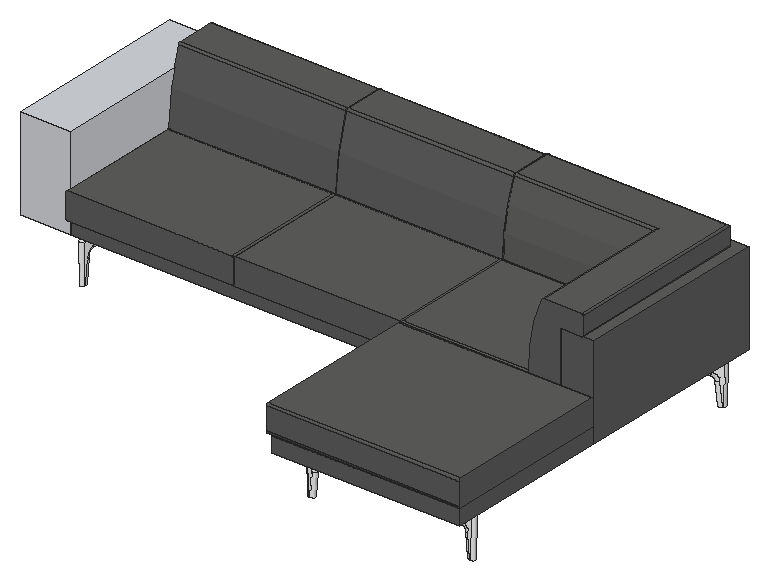
Revit family "NYC 04 - C", category Site, Revit 2019
Family settings
  Round Connector Dimension = Use Diameter
  Part Type = Normal
  Work Plane-Based = No
  Always vertical = Yes
  Cut with Voids When Loaded = No
  Shared = No
Reference planes (in)
  plane 1 "Center (Front/Back)": y = 0
  plane 2: z = 0
  plane 3 "Center (Left/Right)": x = 0
Nested families (in)
  nested 1: "NYC-Arm-Single-9-inch" at (128.5171279, 44.1326105, 8.75) x (-1, 0, 0) z (0, 0, 1), type "NYC-Arm-Single-9-inch"
  nested 2: "NYC-Wrap-Over-Chair-90-Degree-Corner" at (197.4973583, 24.6864391, 0) x (0, -1, 0) z (0, 0, 1), type "NYC-Wrap-Over-Chair-90-Degree-Corner"
  nested 3: "NYC-Wrap-Over-In-Line-Bench-1-Seat _Right 90 Rails" at (197.3878655, -5.3361304, 0) x (0, -1, 0) z (0, 0, 1), type "NYC-Wrap-Over-In-Line-Bench-1-Seat _Right 90 Rails"
  nested 4: "NYC-Wrap-Over-Chair-2-Seat _Right Arm_ Left 90 Rails" at (167.5203364, 9.6326105, 0), type "NYC-Wrap-Over-Chair-2-Seat _Right Arm_ Left 90 Rails"
Definition of nested family "NYC-Arm-Single-9-inch"
  Parameters (values of type "NYC-Arm-Single-9-inch")
    Material = none
  Reference planes (in)
    plane 1 "Center Front/Back": y = 0
    plane 2: z = 0
    plane 3 "Center Left/Right": x = 0
  Forms (in)
    Extrusion 1, solid, material <- "Material"
      sketch origin (0, 0, 0) x (1, 0, 0) y (0, 1, 0)
        loop
          line (-9, 33.5) -> (-9, 0) -> (0, 0) -> (0, 33.5) -> (-9, 33.5)
      from 0 to 16.5
  Dimensions and locks (in)
    aligned and locked: level to plane 2
Definition of nested family "NYC-Wrap-Over-Chair-90-Degree-Corner"
  Parameters (values of type "NYC-Wrap-Over-Chair-90-Degree-Corner")
    URL = "http://www.stylexseating.com/"
    Model = "NYC Relaxed"
    Material = none
    Manufacturer = "Stylex"
    Leg Material = none
  Reference planes (in)
    plane 1 "Center Front/Back": y = 0
    plane 2: z = 0
    plane 3 "Center Left/Right": x = 0
  Forms (in)
    Extrusion 1, solid, material <- "Material"
      sketch origin (0, 0, 0) x (1, 0, 0) y (0, 1, 0)
        loop
          line (-19.5, 34.5) -> (-19.5, 0) -> (15, 0) -> (15, 34.5) -> (-19.5, 34.5)
      from 8.75 to 11.5
    Extrusion 2, solid, material <- "Material"
      sketch origin (0, 0, 0) x (1, 0, 0) y (0, 1, 0)
        loop
          line (-19.5, 34.5) -> (-19.5, 0) -> (-13.5, 0) -> (-13.5, 28.5) -> (15, 28.5) -> (15, 34.5) -> (-19.5, 34.5)
      from 11.5 to 25.2482425
    Sweep 3, solid, material <- "Material"
      path origin (0, 0, 0) x (1, 0, 0) y (0, 1, 0)
        loop
          line (-9.0613492, 0) -> (-9.0613492, 24.0613492) -> (15, 24.0613492)
      profile origin (-9.0613492, 12.0306746, 0) x (-1, 0, 0) y (0, 0, 1)
        loop
          arc (8.5636508, 28.6394767) -> (8.4904275, 28.8162534) -> (8.3136508, 28.8894767) r 0.25
          line (8.3136508, 28.8894767) -> (1.5278524, 28.8894767)
          arc (1.5278524, 28.8894767) -> (1.2466551, 28.80071) -> (1.0673861, 28.5665861) r 0.4897751
          arc (1.0673861, 28.5665861) -> (-0.7779037, 22.533386) -> (-1.3270574, 16.2482425) r 30.145968
          arc (-1.3270574, 16.2482425) -> (-1.2585889, 16.0829451) -> (-1.0932915, 16.0144767) r 0.2337658
          line (-1.0932915, 16.0144767) -> (4.1886508, 16.0144767)
          arc (4.1886508, 16.0144767) -> (4.3654275, 16.0877) -> (4.4386508, 16.2644767) r 0.25
          line (4.4386508, 16.2644767) -> (4.4386508, 25.2482425) -> (8.3136508, 25.2482425)
          arc (8.3136508, 25.2482425) -> (8.4904275, 25.3214658) -> (8.5636508, 25.4982425) r 0.25
          line (8.5636508, 25.4982425) -> (8.5636508, 28.6394767)
  Cuts and joins
    joined: Extrusion 1, Extrusion 2
  Dimensions and locks (in)
    aligned and locked: level to plane 2
  Nested families (in)
    nested 1: "NYC Relaxed - Base" at (1.7429475, 13.2570525, 0) x (0.7071, 0.7071, 0) z (0, 0, 1), type "NYC Relaxed - Base"
    nested 2: "NYC Relaxed - Club Chair Cusion" at (0.75, 0, 0), type "NYC Relaxed - Club Chair Cusion"
      with Length 2' - 4 1/2"
  Definition of nested family "NYC Relaxed - Base"
    Parameters (values of type "NYC Relaxed - Base")
      Material = none
    Reference planes (in)
      plane 1 "Center Front/Back": y = 0
      plane 2: z = 0
      plane 3 "Center Left/Right": x = 0
      plane 4: y = -15.0964409
      plane 5: y = -14.9218399
    Forms (in)
      Extrusion 1, solid, material <- "Material"
        sketch origin (0, 0, 0) x (0, 1, 0) y (0, 0, 1)
          loop
            line (27.790003, 0) -> (27.790003, 7.0142137) -> (24.7758405, 7.0142137) -> (24.7758405, 4.9995618) -> (25.2007406, 4.4753485) -> (25.6711187, 0) -> (27.790003, 0)
        from -0.4375 to 0.4375
      Blend 2, void
        base sketch origin (0, 12.0625, 0) x (1, 0, 0) y (0, 1, 0)
          loop
            line (-0.5821736, 14.3020647) -> (-0.4514685, 14.3020647)
            spline (-0.4514685, 14.3020647) -> (-0.4361085, 14.4675192) -> (-0.3910753, 14.6216982) -> (-0.3194378, 14.7540947) -> (-0.226078, 14.8556862) -> (-0.1173582, 14.9195492) -> (-0.0006875, 14.9413317) -> (0.1159832, 14.9195492) -> (0.224703, 14.8556862) -> (0.3180627, 14.7540947) -> (0.3897002, 14.6216982) -> (0.4347334, 14.4675192) -> (0.4500934, 14.3020647)
            line (0.4500934, 14.3020647) -> (0.5821736, 14.3020647) -> (0.5821736, 16.1216055) -> (-0.5821736, 16.1216055) -> (-0.5821736, 14.3020647)
        top sketch origin (0, 12.0625, 0) x (1, 0, 0) y (0, 1, 0)
          loop
            spline (-0.4514685, 14.4583147) -> (-0.4361085, 14.6237692) -> (-0.3910753, 14.7779482) -> (-0.3194378, 14.9103447) -> (-0.226078, 15.0119362) -> (-0.1173582, 15.0757992) -> (-0.0006875, 15.0975817) -> (0.1159832, 15.0757992) -> (0.224703, 15.0119362) -> (0.3180627, 14.9103447) -> (0.3897002, 14.7779482) -> (0.4347334, 14.6237692) -> (0.4500934, 14.4583147)
            line (0.4500934, 14.4583147) -> (0.5821736, 14.4583147) -> (0.5821736, 16.1216055) -> (-0.5821736, 16.1216055) -> (-0.5821736, 14.4583147) -> (-0.4514685, 14.4583147)
        from 0 to 7.3799541
      Extrusion 3, solid, material <- "Material"
        sketch origin (0, 0, 0) x (1, 0, 0) y (0, 0, 1)
          loop
            spline (-0.4375, 6.5594527) -> (-0.4225925, 6.1547479) -> (-0.3788861, 5.7776231) -> (-0.3093592, 5.4537787) -> (-0.21875, 5.2052841) -> (-0.1132333, 5.0490739) -> (0, 4.9957935) -> (0.1132333, 5.0490739) -> (0.21875, 5.2052841) -> (0.3093592, 5.4537787) -> (0.3788861, 5.7776231) -> (0.4225925, 6.1547479) -> (0.4375, 6.5594527)
            line (0.4375, 6.5594527) -> (-0.4375, 6.5594527)
        from -24.7758405 to 12.7758405
      Sweep 4, void
        path origin (0, 12, 0) x (0, 1, 0) y (0, 0, 1)
          loop
            line (13.9001543, -2.0298459) -> (13.355431, 4.196371)
            arc (13.355431, 4.196371) -> (13.0790883, 4.7629574) -> (12.4946054, 4.9991039) r 0.8795222
        profile origin (0, 25.6277926, 1.0832626) x (0, -0.996195, -0.087156) y (1, 0, 0)
          loop
            spline (-0.9331639, 0.4542627) -> (-0.6901066, 0.4387841) -> (-0.4636133, 0.393403) -> (-0.2691191, 0.3212122) -> (-0.1198784, 0.2271314) -> (-0.0260618, 0.1175718) -> (0.0059373, 0) -> (-0.0260618, -0.1175718) -> (-0.1198784, -0.2271314) -> (-0.2691191, -0.3212122) -> (-0.4636133, -0.393403) -> (-0.6901066, -0.4387841) -> (-0.9331639, -0.4542627)
            line (-0.9331639, -0.4542627) -> (-0.9331639, -0.5600294) -> (0.1709779, -0.5600294) -> (0.1709779, 0.5600294) -> (-0.9331639, 0.5600294) -> (-0.9331639, 0.4542627)
      Extrusion 5, solid, material <- "Material"
        sketch origin (0, 0, 0) x (0, 1, 0) y (0, 0, 1)
          loop
            line (21.8326191, 8.75) -> (-9.8326191, 8.75) -> (-9.9214726, 7.4793355)
            arc (-9.9214726, 7.4793355) -> (-10.0792554, 7.1485368) -> (-10.4202546, 7.0142137) r 0.5
            line (-10.4202546, 7.0142137) -> (-12.7758405, 7.0142137) -> (-12.7758405, 6.5594527) -> (24.7758405, 6.5594527) -> (24.7758405, 7.0142137) -> (22.4202546, 7.0142137)
            arc (22.4202546, 7.0142137) -> (22.0792554, 7.1485368) -> (21.9214726, 7.4793355) r 0.5
            line (21.9214726, 7.4793355) -> (21.8326191, 8.75)
        from -0.4375 to 0.4375
      Extrusion 6, solid, material <- "Material"
        sketch origin (0, 0, 0) x (0, -1, 0) y (0, 0, -1)
          loop
            line (15.790003, 0) -> (13.6711187, 0) -> (13.2007406, -4.4753485) -> (12.7758405, -4.9995618) -> (12.7758405, -7.0142137) -> (15.790003, -7.0142137) -> (15.790003, 0)
        from -0.4375 to 0.4375
      Blend 7, void
        base sketch origin (0, -0.0625, 0) x (1, 0, 0) y (0, 1, 0)
          loop
            line (-0.5821736, -14.3020647) -> (-0.5821736, -16.1216055) -> (0.5821736, -16.1216055) -> (0.5821736, -14.3020647) -> (0.4500934, -14.3020647)
            spline (0.4500934, -14.3020647) -> (0.4347334, -14.4675192) -> (0.3897002, -14.6216982) -> (0.3180627, -14.7540947) -> (0.224703, -14.8556862) -> (0.1159832, -14.9195492) -> (-0.0006875, -14.9413317) -> (-0.1173582, -14.9195492) -> (-0.226078, -14.8556862) -> (-0.3194378, -14.7540947) -> (-0.3910753, -14.6216982) -> (-0.4361085, -14.4675192) -> (-0.4514685, -14.3020647)
            line (-0.4514685, -14.3020647) -> (-0.5821736, -14.3020647)
        top sketch origin (0, -0.0625, 0) x (1, 0, 0) y (0, 1, 0)
          loop
            line (-0.4514685, -14.4583147) -> (-0.5821736, -14.4583147) -> (-0.5821736, -16.1216055) -> (0.5821736, -16.1216055) -> (0.5821736, -14.4583147) -> (0.4500934, -14.4583147)
            spline (0.4500934, -14.4583147) -> (0.4347334, -14.6237692) -> (0.3897002, -14.7779482) -> (0.3180627, -14.9103447) -> (0.224703, -15.0119362) -> (0.1159832, -15.0757992) -> (-0.0006875, -15.0975817) -> (-0.1173582, -15.0757992) -> (-0.226078, -15.0119362) -> (-0.3194378, -14.9103447) -> (-0.3910753, -14.7779482) -> (-0.4361085, -14.6237692) -> (-0.4514685, -14.4583147)
        from 0 to 7.3799541
      Sweep 8, void
        path origin (0, 0, 0) x (0, -1, 0) y (0, 0, 1)
          loop
            line (13.9001543, -2.0298459) -> (13.355431, 4.196371)
            arc (13.355431, 4.196371) -> (13.0790883, 4.7629574) -> (12.4946054, 4.9991039) r 0.8795222
        profile origin (0, -13.6277926, 1.0832626) x (0, -0.996195, 0.087156) y (1, 0, 0)
          loop
            line (0.9331639, 0.4542627) -> (0.9331639, 0.5600294) -> (-0.1709779, 0.5600294) -> (-0.1709779, -0.5600294) -> (0.9331639, -0.5600294) -> (0.9331639, -0.4542627)
            spline (0.9331639, -0.4542627) -> (0.6901066, -0.4387841) -> (0.4636133, -0.393403) -> (0.2691191, -0.3212122) -> (0.1198784, -0.2271314) -> (0.0260618, -0.1175718) -> (-0.0059373, 0) -> (0.0260618, 0.1175718) -> (0.1198784, 0.2271314) -> (0.2691191, 0.3212122) -> (0.4636133, 0.393403) -> (0.6901066, 0.4387841) -> (0.9331639, 0.4542627)
    Cuts and joins
      Blend 2, Sweep 4, Blend 7, Sweep 8 cuts Extrusion 1
      joined: Extrusion 3, Extrusion 5
      Blend 7, Sweep 8 cuts Extrusion 6
    Dimensions and locks (in)
      aligned and locked: level to plane 2
  Definition of nested family "NYC Relaxed - Club Chair Cusion"
    Parameters (values of type "NYC Relaxed - Club Chair Cusion")
      Material = none
      Length [instance] = 2' - 6"
    Reference planes (in)
      plane 1 "Center Front/Back": y = 0
      plane 2: z = 0
      plane 3 "Center Left/Right": x = 0
      plane 4: x = -15
      plane 5: x = 15
    Forms (in)
      Extrusion 1, solid, material <- "Material"
        sketch origin (0, 0, 0) x (1, 0, 0) y (0, 0, 1)
          loop
            line (-14.6445312, 11.5) -> (14.6445313, 11.5)
            arc (14.6445313, 11.5) -> (14.8958856, 11.6041144) -> (15, 11.8554687) r 0.3554688
            line (15, 11.8554687) -> (15, 15.8945312)
            arc (15, 15.8945312) -> (14.8958856, 16.1458856) -> (14.6445313, 16.25) r 0.3554688
            line (14.6445313, 16.25) -> (-14.6445312, 16.25)
            arc (-14.6445312, 16.25) -> (-14.8958856, 16.1458856) -> (-15, 15.8945312) r 0.3554688
            line (-15, 15.8945312) -> (-15, 11.8554687)
            arc (-15, 11.8554687) -> (-14.8958856, 11.6041144) -> (-14.6445312, 11.5) r 0.3554688
        from -28.5 to 0
    Dimensions and locks (in)
      equal spacing: plane 5, plane 3 "Center Left/Right", plane 4
      "Length": plane 5 to plane 4
      aligned and locked: level to plane 2
      aligned and locked: Extrusion 1 sketch curve to plane 4
      aligned and locked: plane 5 to Extrusion 1 sketch curve
    Automatic sketch dimensions
      plane 4 to Extrusion 1 sketch curve = 0' - 0 91/256"  (x2)
      Extrusion 1 sketch curve to plane 5 = 0' - 0 91/256"  (x2)
      level to Extrusion 1 sketch curve = 0' - 11 1/2"
      Extrusion 1 sketch curve to Extrusion 1 sketch curve = 0' - 4 5/128"
Definition of nested family "NYC-Wrap-Over-In-Line-Bench-1-Seat _Right 90 Rails"
  Parameters (values of type "NYC-Wrap-Over-In-Line-Bench-1-Seat _Right 90 Rails")
    URL = "http://www.stylexseating.com/"
    Model = "NYC Wrap"
    Material = none
    Manufacturer = "Stylex"
    Leg Material = none
  Reference planes (in)
    plane 1 "Center Front/Back": y = 0
    plane 2: z = 0
    plane 3 "Center Left/Right": x = 0
  Forms (in)
    Extrusion 1, solid, material <- "Leg Material"
      sketch origin (0, 0, 0) x (1, 0, 0) y (0, 1, 0)
        loop
          line (-39.6625706, 27.3260438) -> (-39.6625706, 26.3260438) -> (8.7470686, 26.3260438) -> (8.7470686, 27.3260438) -> (-39.6625706, 27.3260438)
        loop
          line (-23.5187793, 9.3260438) -> (-23.5187793, 8.3260438) -> (8.7470686, 8.3260438) -> (8.7470686, 9.3260438) -> (-23.5187793, 9.3260438)
      from 6.657364 to 8.75
  Dimensions and locks (in)
    aligned and locked: level to plane 2
  Nested families (in)
    nested 1: "NYC Wrap-Over - Club Chair Frame" at (0, 1, 0), type "NYC Wrap-Over - Club Chair Frame"
    nested 2: "NYC Wrap-Over - Club Chair Cushion" at (0, 0, 0), type "NYC Wrap-Over - Club Chair Cushion"
    nested 3: "NYC Leg" at (9, 17.6052779, 0) x (-1, 0, 0) z (0, 0, 1), type "NYC Leg"
  Definition of nested family "NYC Wrap-Over - Club Chair Frame"
    Parameters (values of type "NYC Wrap-Over - Club Chair Frame")
      length [instance] = 2' - 6"
      Material = none
    Reference planes (in)
      plane 1 "Center Front/Back": y = 0
      plane 2: z = 0
      plane 3 "Center Left/Right": x = 0
      plane 4: x = -15
      plane 5: x = 15
    Forms (in)
      Extrusion 1, solid, material <- "Material"
        sketch origin (0, 0, 0) x (0, 1, 0) y (0, 0, 1)
          loop
            line (33.5, 8.75) -> (33.5, 11.5) -> (0, 11.5) -> (0, 8.75) -> (33.5, 8.75)
        from -15 to 15
    Dimensions and locks (in)
      equal spacing: plane 4, plane 3 "Center Left/Right", plane 5
      "length": plane 4 to plane 5
      aligned and locked: level to plane 2
      aligned and locked: Extrusion 1 to plane 4
      aligned and locked: Extrusion 1 to plane 5
    Automatic sketch dimensions
      Extrusion 1 sketch curve to plane 1 "Center Front/Back" = 0' - 0"
      level to Extrusion 1 sketch curve = 0' - 11 1/2"
      Extrusion 1 sketch curve to Extrusion 1 sketch curve = 2' - 9 1/2"
      Extrusion 1 sketch curve to Extrusion 1 sketch curve = 0' - 2 3/4"
  Definition of nested family "NYC Wrap-Over - Club Chair Cushion"
    Parameters (values of type "NYC Wrap-Over - Club Chair Cusion")
      Material = none
      Length [instance] = 2' - 6"
    Reference planes (in)
      plane 1 "Center Front/Back": y = 0
      plane 2: z = 0
      plane 3 "Center Left/Right": x = 0
      plane 4: x = -15
      plane 5: x = 15
      plane 6: y = 34.5
    Forms (in)
      Extrusion 1, solid, material <- "Material"
        sketch origin (0, 0, 0) x (1, 0, 0) y (0, 0, 1)
          loop
            line (-14.6445312, 11.5) -> (14.6445313, 11.5)
            arc (14.6445313, 11.5) -> (14.8958856, 11.6041144) -> (15, 11.8554687) r 0.3554688
            line (15, 11.8554687) -> (15, 15.8945312)
            arc (15, 15.8945312) -> (14.8958856, 16.1458856) -> (14.6445313, 16.25) r 0.3554688
            line (14.6445313, 16.25) -> (-14.6445312, 16.25)
            arc (-14.6445312, 16.25) -> (-14.8958856, 16.1458856) -> (-15, 15.8945312) r 0.3554688
            line (-15, 15.8945312) -> (-15, 11.8554687)
            arc (-15, 11.8554687) -> (-14.8958856, 11.6041144) -> (-14.6445312, 11.5) r 0.3554688
        from -34.5 to 0
    Dimensions and locks (in)
      equal spacing: plane 5, plane 3 "Center Left/Right", plane 4
      "Length": plane 5 to plane 4
      aligned and locked: level to plane 2
      aligned and locked: Extrusion 1 sketch curve to plane 4
      aligned and locked: plane 5 to Extrusion 1 sketch curve
    Automatic sketch dimensions
      plane 4 to Extrusion 1 sketch curve = 0' - 0 91/256"  (x2)
      Extrusion 1 sketch curve to plane 5 = 0' - 0 91/256"  (x2)
      level to Extrusion 1 sketch curve = 0' - 11 1/2"
      Extrusion 1 sketch curve to Extrusion 1 sketch curve = 0' - 4 5/128"
  Definition of nested family "NYC Leg"
    Parameters (values of type "NYC Relaxed - Base")
      Material = none
    Reference planes (in)
      plane 1 "Center Front/Back": y = 0
      plane 2: z = 0
      plane 3 "Center Left/Right": x = 0
      plane 4: y = -15.0964409
      plane 5: y = -14.9218399
    Forms (in)
      Extrusion 1, solid, material <- "Material"
        sketch origin (0, 0, 0) x (0, 1, 0) y (0, 0, 1)
          loop
            line (15.790003, 0) -> (15.790003, 7.0142137) -> (12.7758405, 7.0142137) -> (12.7758405, 4.9995618) -> (13.2007406, 4.4753485) -> (13.6711187, 0) -> (15.790003, 0)
        from -0.4375 to 0.4375
      Blend 2, void
        base sketch origin (0, 0.0625, 0) x (1, 0, 0) y (0, 1, 0)
          loop
            line (-0.5821736, 14.3020647) -> (-0.4514685, 14.3020647)
            spline (-0.4514685, 14.3020647) -> (-0.4361085, 14.4675192) -> (-0.3910753, 14.6216982) -> (-0.3194378, 14.7540947) -> (-0.226078, 14.8556862) -> (-0.1173582, 14.9195492) -> (-0.0006875, 14.9413317) -> (0.1159832, 14.9195492) -> (0.224703, 14.8556862) -> (0.3180627, 14.7540947) -> (0.3897002, 14.6216982) -> (0.4347334, 14.4675192) -> (0.4500934, 14.3020647)
            line (0.4500934, 14.3020647) -> (0.5821736, 14.3020647) -> (0.5821736, 16.1216055) -> (-0.5821736, 16.1216055) -> (-0.5821736, 14.3020647)
        top sketch origin (0, 0.0625, 0) x (1, 0, 0) y (0, 1, 0)
          loop
            spline (-0.4514685, 14.4583147) -> (-0.4361085, 14.6237692) -> (-0.3910753, 14.7779482) -> (-0.3194378, 14.9103447) -> (-0.226078, 15.0119362) -> (-0.1173582, 15.0757992) -> (-0.0006875, 15.0975817) -> (0.1159832, 15.0757992) -> (0.224703, 15.0119362) -> (0.3180627, 14.9103447) -> (0.3897002, 14.7779482) -> (0.4347334, 14.6237692) -> (0.4500934, 14.4583147)
            line (0.4500934, 14.4583147) -> (0.5821736, 14.4583147) -> (0.5821736, 16.1216055) -> (-0.5821736, 16.1216055) -> (-0.5821736, 14.4583147) -> (-0.4514685, 14.4583147)
        from 0 to 7.3799541
      Extrusion 3, solid, material <- "Material"
        sketch origin (0, 0, 0) x (1, 0, 0) y (0, 0, 1)
          loop
            spline (-0.4375, 6.5594527) -> (-0.4225925, 6.1547479) -> (-0.3788861, 5.7776231) -> (-0.3093592, 5.4537787) -> (-0.21875, 5.2052841) -> (-0.1132333, 5.0490739) -> (0, 4.9957935) -> (0.1132333, 5.0490739) -> (0.21875, 5.2052841) -> (0.3093592, 5.4537787) -> (0.3788861, 5.7776231) -> (0.4225925, 6.1547479) -> (0.4375, 6.5594527)
            line (0.4375, 6.5594527) -> (-0.4375, 6.5594527)
        from -12.7758405 to 12.7758405
      Sweep 4, void
        path origin (0, 0, 0) x (0, 1, 0) y (0, 0, 1)
          loop
            line (13.9001543, -2.0298459) -> (13.355431, 4.196371)
            arc (13.355431, 4.196371) -> (13.0790883, 4.7629574) -> (12.4946054, 4.9991039) r 0.8795222
        profile origin (0, 13.6277926, 1.0832626) x (0, -0.996195, -0.087156) y (1, 0, 0)
          loop
            spline (-0.9331639, 0.4542627) -> (-0.6901066, 0.4387841) -> (-0.4636133, 0.393403) -> (-0.2691191, 0.3212122) -> (-0.1198784, 0.2271314) -> (-0.0260618, 0.1175718) -> (0.0059373, 0) -> (-0.0260618, -0.1175718) -> (-0.1198784, -0.2271314) -> (-0.2691191, -0.3212122) -> (-0.4636133, -0.393403) -> (-0.6901066, -0.4387841) -> (-0.9331639, -0.4542627)
            line (-0.9331639, -0.4542627) -> (-0.9331639, -0.5600294) -> (0.1709779, -0.5600294) -> (0.1709779, 0.5600294) -> (-0.9331639, 0.5600294) -> (-0.9331639, 0.4542627)
      Extrusion 5, solid, material <- "Material"
        sketch origin (0, 0, 0) x (0, 1, 0) y (0, 0, 1)
          loop
            line (9.8326191, 8.75) -> (-9.8326191, 8.75) -> (-9.9214726, 7.4793355)
            arc (-9.9214726, 7.4793355) -> (-10.0792554, 7.1485368) -> (-10.4202546, 7.0142137) r 0.5
            line (-10.4202546, 7.0142137) -> (-12.7758405, 7.0142137) -> (-12.7758405, 6.5594527) -> (12.7758405, 6.5594527) -> (12.7758405, 7.0142137) -> (10.4202546, 7.0142137)
            arc (10.4202546, 7.0142137) -> (10.0792554, 7.1485368) -> (9.9214726, 7.4793355) r 0.5
            line (9.9214726, 7.4793355) -> (9.8326191, 8.75)
        from -0.4375 to 0.4375
      Extrusion 6, solid, material <- "Material"
        sketch origin (0, 0, 0) x (0, -1, 0) y (0, 0, -1)
          loop
            line (15.790003, 0) -> (13.6711187, 0) -> (13.2007406, -4.4753485) -> (12.7758405, -4.9995618) -> (12.7758405, -7.0142137) -> (15.790003, -7.0142137) -> (15.790003, 0)
        from -0.4375 to 0.4375
      Blend 7, void
        base sketch origin (0, -0.0625, 0) x (1, 0, 0) y (0, 1, 0)
          loop
            line (-0.5821736, -14.3020647) -> (-0.5821736, -16.1216055) -> (0.5821736, -16.1216055) -> (0.5821736, -14.3020647) -> (0.4500934, -14.3020647)
            spline (0.4500934, -14.3020647) -> (0.4347334, -14.4675192) -> (0.3897002, -14.6216982) -> (0.3180627, -14.7540947) -> (0.224703, -14.8556862) -> (0.1159832, -14.9195492) -> (-0.0006875, -14.9413317) -> (-0.1173582, -14.9195492) -> (-0.226078, -14.8556862) -> (-0.3194378, -14.7540947) -> (-0.3910753, -14.6216982) -> (-0.4361085, -14.4675192) -> (-0.4514685, -14.3020647)
            line (-0.4514685, -14.3020647) -> (-0.5821736, -14.3020647)
        top sketch origin (0, -0.0625, 0) x (1, 0, 0) y (0, 1, 0)
          loop
            line (-0.4514685, -14.4583147) -> (-0.5821736, -14.4583147) -> (-0.5821736, -16.1216055) -> (0.5821736, -16.1216055) -> (0.5821736, -14.4583147) -> (0.4500934, -14.4583147)
            spline (0.4500934, -14.4583147) -> (0.4347334, -14.6237692) -> (0.3897002, -14.7779482) -> (0.3180627, -14.9103447) -> (0.224703, -15.0119362) -> (0.1159832, -15.0757992) -> (-0.0006875, -15.0975817) -> (-0.1173582, -15.0757992) -> (-0.226078, -15.0119362) -> (-0.3194378, -14.9103447) -> (-0.3910753, -14.7779482) -> (-0.4361085, -14.6237692) -> (-0.4514685, -14.4583147)
        from 0 to 7.3799541
      Sweep 8, void
        path origin (0, 0, 0) x (0, -1, 0) y (0, 0, 1)
          loop
            line (13.9001543, -2.0298459) -> (13.355431, 4.196371)
            arc (13.355431, 4.196371) -> (13.0790883, 4.7629574) -> (12.4946054, 4.9991039) r 0.8795222
        profile origin (0, -13.6277926, 1.0832626) x (0, -0.996195, 0.087156) y (1, 0, 0)
          loop
            line (0.9331639, 0.4542627) -> (0.9331639, 0.5600294) -> (-0.1709779, 0.5600294) -> (-0.1709779, -0.5600294) -> (0.9331639, -0.5600294) -> (0.9331639, -0.4542627)
            spline (0.9331639, -0.4542627) -> (0.6901066, -0.4387841) -> (0.4636133, -0.393403) -> (0.2691191, -0.3212122) -> (0.1198784, -0.2271314) -> (0.0260618, -0.1175718) -> (-0.0059373, 0) -> (0.0260618, 0.1175718) -> (0.1198784, 0.2271314) -> (0.2691191, 0.3212122) -> (0.4636133, 0.393403) -> (0.6901066, 0.4387841) -> (0.9331639, 0.4542627)
    Cuts and joins
      Blend 2, Sweep 4, Blend 7, Sweep 8 cuts Extrusion 1
      joined: Extrusion 3, Extrusion 5
      Blend 7, Sweep 8 cuts Extrusion 6
    Dimensions and locks (in)
      aligned and locked: level to plane 2
Definition of nested family "NYC-Wrap-Over-Chair-2-Seat _Right Arm_ Left 90 Rails"
  Parameters (values of type "NYC-Wrap-Over-Chair-2-Seat _Right Arm_ Left 90 Rails")
    URL = "http://www.stylexseating.com/"
    Model = "NYC Wrap"
    Material = none
    Manufacturer = "Stylex"
    Leg Material = none
  Reference planes (in)
    plane 1 "Center Front/Back": y = 0
    plane 2: z = 0
    plane 3 "Center Left/Right": x = 0
  Forms (in)
    Extrusion 1, solid, material <- "Leg Material"
      sketch origin (0, 0, 0) x (1, 0, 0) y (0, 1, 0)
        loop
          line (-29.0625, 27.3260438) -> (-29.0625, 26.3260438) -> (57.730438, 26.3260438) -> (57.730438, 27.3260438) -> (-29.0625, 27.3260438)
        loop
          line (-29.0625, 9.3260438) -> (-29.0625, 8.3260438) -> (38.1656985, 8.3260438) -> (38.1656985, 9.3260438) -> (-29.0625, 9.3260438)
      from 6.657364 to 8.75
  Lines and regions (in)
    symbolic lines
      curve 1: line (-30, 22.7505034, 0) -> (30, 22.7505034, 0)
  Dimensions and locks (in)
    aligned and locked: level to plane 2
  Nested families (in)
    nested 1: "NYC Relaxed - Base" at (-29.5, 17.6052779, 0), type "NYC Relaxed - Base"
    nested 2: "NYC Wrap-Over - Club Chair Frame" at (0, 0, 0), type "NYC Wrap-Over - Club Chair Frame"
      with length 5' - 0"
    nested 3: "NYC Wrap-Over - Club Chair Cusion" at (-15, 0, 0), type "NYC Wrap-Over - Club Chair Cusion"
    nested 4: "NYC Wrap-Over - Club Chair Back Cusion" at (-15, 0, 0), type "NYC Wrap-Over - Club Chair Back Cusion"
    nested 5: "NYC Wrap-Over - Club Chair Cusion" at (15, 0, 0) x (-1, 0, 0) z (0, 0, 1), type "NYC Wrap-Over - Club Chair Cusion"
    nested 6: "NYC Wrap-Over - Club Chair Back Cusion" at (15, 0, 0) x (-1, 0, 0) z (0, 0, 1), type "NYC Wrap-Over - Club Chair Back Cusion"
  Definition of nested family "NYC Relaxed - Base"
    Parameters (values of type "NYC Relaxed - Base")
      Material = none
    Reference planes (in)
      plane 1 "Center Front/Back": y = 0
      plane 2: z = 0
      plane 3 "Center Left/Right": x = 0
      plane 4: y = -15.0964409
      plane 5: y = -14.9218399
    Forms (in)
      Extrusion 1, solid, material <- "Material"
        sketch origin (0, 0, 0) x (0, 1, 0) y (0, 0, 1)
          loop
            line (15.790003, 0) -> (15.790003, 7.0142137) -> (12.7758405, 7.0142137) -> (12.7758405, 4.9995618) -> (13.2007406, 4.4753485) -> (13.6711187, 0) -> (15.790003, 0)
        from -0.4375 to 0.4375
      Blend 2, void
        base sketch origin (0, 0.0625, 0) x (1, 0, 0) y (0, 1, 0)
          loop
            line (-0.5821736, 14.3020647) -> (-0.4514685, 14.3020647)
            spline (-0.4514685, 14.3020647) -> (-0.4361085, 14.4675192) -> (-0.3910753, 14.6216982) -> (-0.3194378, 14.7540947) -> (-0.226078, 14.8556862) -> (-0.1173582, 14.9195492) -> (-0.0006875, 14.9413317) -> (0.1159832, 14.9195492) -> (0.224703, 14.8556862) -> (0.3180627, 14.7540947) -> (0.3897002, 14.6216982) -> (0.4347334, 14.4675192) -> (0.4500934, 14.3020647)
            line (0.4500934, 14.3020647) -> (0.5821736, 14.3020647) -> (0.5821736, 16.1216055) -> (-0.5821736, 16.1216055) -> (-0.5821736, 14.3020647)
        top sketch origin (0, 0.0625, 0) x (1, 0, 0) y (0, 1, 0)
          loop
            spline (-0.4514685, 14.4583147) -> (-0.4361085, 14.6237692) -> (-0.3910753, 14.7779482) -> (-0.3194378, 14.9103447) -> (-0.226078, 15.0119362) -> (-0.1173582, 15.0757992) -> (-0.0006875, 15.0975817) -> (0.1159832, 15.0757992) -> (0.224703, 15.0119362) -> (0.3180627, 14.9103447) -> (0.3897002, 14.7779482) -> (0.4347334, 14.6237692) -> (0.4500934, 14.4583147)
            line (0.4500934, 14.4583147) -> (0.5821736, 14.4583147) -> (0.5821736, 16.1216055) -> (-0.5821736, 16.1216055) -> (-0.5821736, 14.4583147) -> (-0.4514685, 14.4583147)
        from 0 to 7.3799541
      Extrusion 3, solid, material <- "Material"
        sketch origin (0, 0, 0) x (1, 0, 0) y (0, 0, 1)
          loop
            spline (-0.4375, 6.5594527) -> (-0.4225925, 6.1547479) -> (-0.3788861, 5.7776231) -> (-0.3093592, 5.4537787) -> (-0.21875, 5.2052841) -> (-0.1132333, 5.0490739) -> (0, 4.9957935) -> (0.1132333, 5.0490739) -> (0.21875, 5.2052841) -> (0.3093592, 5.4537787) -> (0.3788861, 5.7776231) -> (0.4225925, 6.1547479) -> (0.4375, 6.5594527)
            line (0.4375, 6.5594527) -> (-0.4375, 6.5594527)
        from -12.7758405 to 12.7758405
      Sweep 4, void
        path origin (0, 0, 0) x (0, 1, 0) y (0, 0, 1)
          loop
            line (13.9001543, -2.0298459) -> (13.355431, 4.196371)
            arc (13.355431, 4.196371) -> (13.0790883, 4.7629574) -> (12.4946054, 4.9991039) r 0.8795222
        profile origin (0, 13.6277926, 1.0832626) x (0, -0.996195, -0.087156) y (1, 0, 0)
          loop
            spline (-0.9331639, 0.4542627) -> (-0.6901066, 0.4387841) -> (-0.4636133, 0.393403) -> (-0.2691191, 0.3212122) -> (-0.1198784, 0.2271314) -> (-0.0260618, 0.1175718) -> (0.0059373, 0) -> (-0.0260618, -0.1175718) -> (-0.1198784, -0.2271314) -> (-0.2691191, -0.3212122) -> (-0.4636133, -0.393403) -> (-0.6901066, -0.4387841) -> (-0.9331639, -0.4542627)
            line (-0.9331639, -0.4542627) -> (-0.9331639, -0.5600294) -> (0.1709779, -0.5600294) -> (0.1709779, 0.5600294) -> (-0.9331639, 0.5600294) -> (-0.9331639, 0.4542627)
      Extrusion 5, solid, material <- "Material"
        sketch origin (0, 0, 0) x (0, 1, 0) y (0, 0, 1)
          loop
            line (9.8326191, 8.75) -> (-9.8326191, 8.75) -> (-9.9214726, 7.4793355)
            arc (-9.9214726, 7.4793355) -> (-10.0792554, 7.1485368) -> (-10.4202546, 7.0142137) r 0.5
            line (-10.4202546, 7.0142137) -> (-12.7758405, 7.0142137) -> (-12.7758405, 6.5594527) -> (12.7758405, 6.5594527) -> (12.7758405, 7.0142137) -> (10.4202546, 7.0142137)
            arc (10.4202546, 7.0142137) -> (10.0792554, 7.1485368) -> (9.9214726, 7.4793355) r 0.5
            line (9.9214726, 7.4793355) -> (9.8326191, 8.75)
        from -0.4375 to 0.4375
      Extrusion 6, solid, material <- "Material"
        sketch origin (0, 0, 0) x (0, -1, 0) y (0, 0, -1)
          loop
            line (15.790003, 0) -> (13.6711187, 0) -> (13.2007406, -4.4753485) -> (12.7758405, -4.9995618) -> (12.7758405, -7.0142137) -> (15.790003, -7.0142137) -> (15.790003, 0)
        from -0.4375 to 0.4375
      Blend 7, void
        base sketch origin (0, -0.0625, 0) x (1, 0, 0) y (0, 1, 0)
          loop
            line (-0.5821736, -14.3020647) -> (-0.5821736, -16.1216055) -> (0.5821736, -16.1216055) -> (0.5821736, -14.3020647) -> (0.4500934, -14.3020647)
            spline (0.4500934, -14.3020647) -> (0.4347334, -14.4675192) -> (0.3897002, -14.6216982) -> (0.3180627, -14.7540947) -> (0.224703, -14.8556862) -> (0.1159832, -14.9195492) -> (-0.0006875, -14.9413317) -> (-0.1173582, -14.9195492) -> (-0.226078, -14.8556862) -> (-0.3194378, -14.7540947) -> (-0.3910753, -14.6216982) -> (-0.4361085, -14.4675192) -> (-0.4514685, -14.3020647)
            line (-0.4514685, -14.3020647) -> (-0.5821736, -14.3020647)
        top sketch origin (0, -0.0625, 0) x (1, 0, 0) y (0, 1, 0)
          loop
            line (-0.4514685, -14.4583147) -> (-0.5821736, -14.4583147) -> (-0.5821736, -16.1216055) -> (0.5821736, -16.1216055) -> (0.5821736, -14.4583147) -> (0.4500934, -14.4583147)
            spline (0.4500934, -14.4583147) -> (0.4347334, -14.6237692) -> (0.3897002, -14.7779482) -> (0.3180627, -14.9103447) -> (0.224703, -15.0119362) -> (0.1159832, -15.0757992) -> (-0.0006875, -15.0975817) -> (-0.1173582, -15.0757992) -> (-0.226078, -15.0119362) -> (-0.3194378, -14.9103447) -> (-0.3910753, -14.7779482) -> (-0.4361085, -14.6237692) -> (-0.4514685, -14.4583147)
        from 0 to 7.3799541
      Sweep 8, void
        path origin (0, 0, 0) x (0, -1, 0) y (0, 0, 1)
          loop
            line (13.9001543, -2.0298459) -> (13.355431, 4.196371)
            arc (13.355431, 4.196371) -> (13.0790883, 4.7629574) -> (12.4946054, 4.9991039) r 0.8795222
        profile origin (0, -13.6277926, 1.0832626) x (0, -0.996195, 0.087156) y (1, 0, 0)
          loop
            line (0.9331639, 0.4542627) -> (0.9331639, 0.5600294) -> (-0.1709779, 0.5600294) -> (-0.1709779, -0.5600294) -> (0.9331639, -0.5600294) -> (0.9331639, -0.4542627)
            spline (0.9331639, -0.4542627) -> (0.6901066, -0.4387841) -> (0.4636133, -0.393403) -> (0.2691191, -0.3212122) -> (0.1198784, -0.2271314) -> (0.0260618, -0.1175718) -> (-0.0059373, 0) -> (0.0260618, 0.1175718) -> (0.1198784, 0.2271314) -> (0.2691191, 0.3212122) -> (0.4636133, 0.393403) -> (0.6901066, 0.4387841) -> (0.9331639, 0.4542627)
    Cuts and joins
      Blend 2, Sweep 4, Blend 7, Sweep 8 cuts Extrusion 1
      joined: Extrusion 3, Extrusion 5
      Blend 7, Sweep 8 cuts Extrusion 6
    Dimensions and locks (in)
      aligned and locked: level to plane 2
  Definition of nested family "NYC Wrap-Over - Club Chair Frame"
    Parameters (values of type "NYC Wrap-Over - Club Chair Frame")
      length [instance] = 2' - 6"
      Material = none
    Reference planes (in)
      plane 1 "Center Front/Back": y = 0
      plane 2: z = 0
      plane 3 "Center Left/Right": x = 0
      plane 4: x = -15
      plane 5: x = 15
    Forms (in)
      Extrusion 1, solid, material <- "Material"
        sketch origin (0, 0, 0) x (0, 1, 0) y (0, 0, 1)
          loop
            line (28.5, 25.25) -> (28.5, 11.5) -> (1, 11.5) -> (1, 8.75) -> (34.5, 8.75) -> (34.5, 25.25) -> (28.5, 25.25)
        from -15 to 15
    Dimensions and locks (in)
      equal spacing: plane 4, plane 3 "Center Left/Right", plane 5
      "length": plane 4 to plane 5
      aligned and locked: level to plane 2
      aligned and locked: Extrusion 1 to plane 4
      aligned and locked: Extrusion 1 to plane 5
    Automatic sketch dimensions
      Extrusion 1 sketch curve to plane 1 "Center Front/Back" = 0' - 1"
      level to Extrusion 1 sketch curve = 0' - 11 1/2"
      Extrusion 1 sketch curve to Extrusion 1 sketch curve = 2' - 3 1/2"
      Extrusion 1 sketch curve to Extrusion 1 sketch curve = 0' - 6"
      Extrusion 1 sketch curve to Extrusion 1 sketch curve = 0' - 2 3/4"
      Extrusion 1 sketch curve to Extrusion 1 sketch curve = 1' - 1 3/4"
  Definition of nested family "NYC Wrap-Over - Club Chair Cusion"
    Parameters (values of type "NYC Wrap-Over - Club Chair Cusion")
      Material = none
      Length [instance] = 2' - 6"
    Reference planes (in)
      plane 1 "Center Front/Back": y = 0
      plane 2: z = 0
      plane 3 "Center Left/Right": x = 0
      plane 4: x = -15
      plane 5: x = 15
      plane 6: y = 28.5
    Forms (in)
      Extrusion 1, solid, material <- "Material"
        sketch origin (0, 0, 0) x (1, 0, 0) y (0, 0, 1)
          loop
            line (-14.6445312, 11.5) -> (14.6445313, 11.5)
            arc (14.6445313, 11.5) -> (14.8958856, 11.6041144) -> (15, 11.8554687) r 0.3554688
            line (15, 11.8554687) -> (15, 15.8945312)
            arc (15, 15.8945312) -> (14.8958856, 16.1458856) -> (14.6445313, 16.25) r 0.3554688
            line (14.6445313, 16.25) -> (-14.6445312, 16.25)
            arc (-14.6445312, 16.25) -> (-14.8958856, 16.1458856) -> (-15, 15.8945312) r 0.3554688
            line (-15, 15.8945312) -> (-15, 11.8554687)
            arc (-15, 11.8554687) -> (-14.8958856, 11.6041144) -> (-14.6445312, 11.5) r 0.3554688
        from -28.5 to 0
    Dimensions and locks (in)
      equal spacing: plane 5, plane 3 "Center Left/Right", plane 4
      "Length": plane 5 to plane 4
      aligned and locked: level to plane 2
      aligned and locked: Extrusion 1 sketch curve to plane 4
      aligned and locked: plane 5 to Extrusion 1 sketch curve
    Automatic sketch dimensions
      plane 4 to Extrusion 1 sketch curve = 0' - 0 91/256"  (x2)
      Extrusion 1 sketch curve to plane 5 = 0' - 0 91/256"  (x2)
      level to Extrusion 1 sketch curve = 0' - 11 1/2"
      Extrusion 1 sketch curve to Extrusion 1 sketch curve = 0' - 4 5/128"
  Definition of nested family "NYC Wrap-Over - Club Chair Back Cusion"
    Parameters (values of type "NYC Wrap-Over - Club Chair Back Cusion")
      Material = none
    Reference planes (in)
      plane 1 "Center Front/Back": y = 0
      plane 2: z = 0
      plane 3 "Center Left/Right": x = 0
    Forms (in)
      Extrusion 1, solid, material <- "Material"
        sketch origin (0, 0, 0) x (0, 1, 0) y (0, 0, 1)
          loop
            arc (25.5892016, 28.8455547) -> (25.3043405, 28.7557384) -> (25.1225124, 28.5187755) r 0.4966403
            arc (25.1225124, 28.5187755) -> (23.4480711, 22.4638719) -> (22.7505034, 16.2205547) r 39.6688057
            arc (22.7505034, 16.2205547) -> (22.8237267, 16.043778) -> (23.0005034, 15.9705547) r 0.25
            line (23.0005034, 15.9705547) -> (28.5, 15.9705547) -> (28.5, 25.25) -> (32.375, 25.25)
            arc (32.375, 25.25) -> (32.5517767, 25.3232233) -> (32.625, 25.5) r 0.25
            line (32.625, 25.5) -> (32.625, 28.5955547)
            arc (32.625, 28.5955547) -> (32.5517767, 28.7723314) -> (32.375, 28.8455547) r 0.25
            line (32.375, 28.8455547) -> (25.5892016, 28.8455547)
        from -15 to 15
    Dimensions and locks (in)
      aligned and locked: level to plane 2
